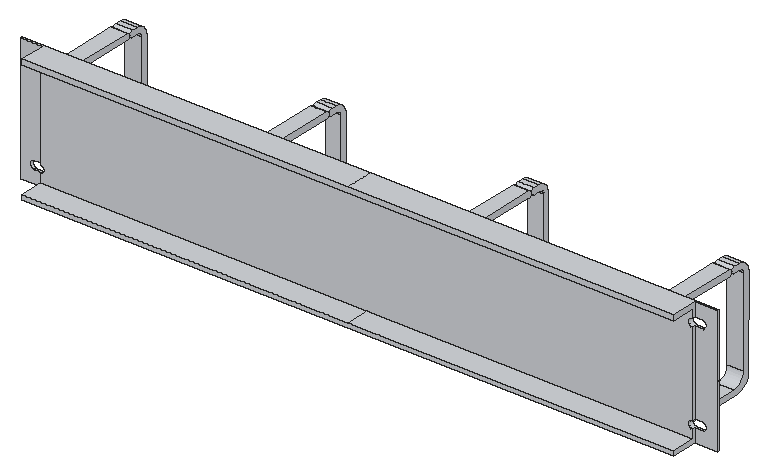
Revit family
Parameters
  Material ID = "760172890"
  Description = "2U PATCHCORD MANAGER - SILVER \r\n360 11 00GS3 24 Port Patch Panel\r\n360 1100GS3 24 PORT PATCH PANEL"
Reference planes (in)
  plane 1 "Center (Front/Back)": y = 0
  plane 2: z = 0
  plane 3 "Center (Left/Right)": x = 0
Forms (in)
  Extrusion 1, void, not visible
    sketch origin (0, 0, 0) x (1, 0, 0) y (0, 0, 1)
      loop
        line (-7.85662, 0.48089) -> (-7.85662, -0.39002) -> (-7.67285, -0.39002) -> (-7.67285, -0.64002) -> (-7.0736, -0.64002) -> (-7.0736, -0.39002) -> (-6.92978, -0.39002) -> (-6.92978, 0.48089) -> (-7.85662, 0.48089)
    from -3.79215 to 12
  Extrusion 2, void, not visible
    sketch origin (0, 0, 0) x (1, 0, 0) y (0, 0, 1)
      loop
        line (-8.21397, 0.42583) -> (-8.21397, -0.07417) -> (-8.08657, -0.07417) -> (-8.08657, -0.27417) -> (-7.83657, -0.27417) -> (-7.83657, -0.07417) -> (-7.72497, -0.07417) -> (-7.72497, 0.42583) -> (-8.21397, 0.42583)
    from 0.74059 to 3.34334
  Extrusion 3, void, not visible
    sketch origin (0, 0, 0) x (1, 0, 0) y (0, 0, 1)
      loop
        line (-8.19397, 0.28004) -> (-8.19397, -0.07417) -> (-8.06657, -0.07417) -> (-8.06657, -0.16337) -> (-7.91657, -0.16337) -> (-7.91657, -0.07417) -> (-7.80497, -0.07417) -> (-7.80497, 0.28004) -> (-8.19397, 0.28004)
    from 0.25637 to 5.60437
  Extrusion 4, solid
    sketch origin (0, 0, 0) x (1, 0, 0) y (0, 0, 1)
      loop
        line (0, 1.72) -> (-9.5, 1.72) -> (-9.5, 0) -> (-9.5, -1.72) -> (0, -1.72) -> (9.5, -1.72) -> (9.5, 0) -> (9.5, 1.72) -> (0, 1.72)
    from 0 to 0.76952
  Extrusion 5, void, not visible
    sketch origin (0, 0, 0) x (1, 0, 0) y (0, 0, 1)
      loop
        line (-7.88684, 0.73608) -> (-7.88684, 0.03608) -> (-7.22684, 0.03608) -> (-7.22684, 0.73608) -> (-7.88684, 0.73608)
    from -3.31396 to 12
  Extrusion 6, void, not visible
    sketch origin (0, 0, 0) x (1, 0, 0) y (0, 0, 1)
      loop
        line (-7.88684, 0.73608) -> (-7.88684, 0.03608) -> (-7.22684, 0.03608) -> (-7.22684, 0.73608) -> (-7.88684, 0.73608)
    from -3.31396 to 12
  Extrusion 7, void, not visible
    sketch origin (1.35, 0, 0) x (1, 0, 0) y (0, 0, 1)
      loop
        line (-7.88684, 0.73608) -> (-7.88684, 0.03608) -> (-7.22684, 0.03608) -> (-7.22684, 0.73608) -> (-7.88684, 0.73608)
    from -3.31396 to 12
  Extrusion 8, void, not visible
    sketch origin (2.7, 0, 0) x (1, 0, 0) y (0, 0, 1)
      loop
        line (-7.88684, 0.73608) -> (-7.88684, 0.03608) -> (-7.22684, 0.03608) -> (-7.22684, 0.73608) -> (-7.88684, 0.73608)
    from -3.31396 to 12
  Extrusion 9, void
    sketch origin (0, 0, 0) x (1, 0, 0) y (0, 0, 1)
      loop
        line (0, 1.5871) -> (-12.95684, 1.5871) -> (-12.95684, 0) -> (-12.95684, -1.5871) -> (0, -1.5871) -> (11.36289, -1.5871) -> (11.36289, 0) -> (11.36289, 1.5871) -> (0, 1.5871)
    from 0.13328 to 12
  Extrusion 10, void
    sketch origin (0, 0, 0.86) x (1, 0, 0) y (0, 0, 1)
      loop
        line (-9.09318, 0.27407) -> (-8.89155, 0.27407)
        arc (-8.89155, 0.27407) -> (-8.77818, 0.38744) -> (-8.89155, 0.5008) r 0.11337
        line (-8.89155, 0.5008) -> (-9.09318, 0.5008)
        arc (-9.09318, 0.5008) -> (-9.20655, 0.38744) -> (-9.09318, 0.27407) r 0.11337
    from 0 to 0.45451
  Extrusion 11, void
    sketch origin (0, 0, -0.86) x (1, 0, 0) y (0, 0, 1)
      loop
        arc (-9.09318, -0.27407) -> (-9.20655, -0.38744) -> (-9.09318, -0.5008) r 0.11337
        line (-9.09318, -0.5008) -> (-8.89155, -0.5008)
        arc (-8.89155, -0.5008) -> (-8.77818, -0.38744) -> (-8.89155, -0.27407) r 0.11337
        line (-8.89155, -0.27407) -> (-9.09318, -0.27407)
    from 0 to 0.45451
  Extrusion 12, void
    sketch origin (0, 0, 0.86) x (-1, 0, 0) y (0, 0, -1)
      loop
        arc (-9.09318, -0.27407) -> (-9.20655, -0.38744) -> (-9.09318, -0.5008) r 0.11337
        line (-9.09318, -0.5008) -> (-8.89155, -0.5008)
        arc (-8.89155, -0.5008) -> (-8.77818, -0.38744) -> (-8.89155, -0.27407) r 0.11337
        line (-8.89155, -0.27407) -> (-9.09318, -0.27407)
    from 0 to 0.45451
  Extrusion 13, void
    sketch origin (0, 0, -0.86) x (-1, 0, 0) y (0, 0, -1)
      loop
        line (-9.09318, 0.27407) -> (-8.89155, 0.27407)
        arc (-8.89155, 0.27407) -> (-8.77818, 0.38744) -> (-8.89155, 0.5008) r 0.11337
        line (-8.89155, 0.5008) -> (-9.09318, 0.5008)
        arc (-9.09318, 0.5008) -> (-9.20655, 0.38744) -> (-9.09318, 0.27407) r 0.11337
    from 0 to 0.45451
  Extrusion 14, void
    sketch origin (0, 0, 0) x (1, 0, 0) y (0, 1, 0)
      loop
        line (-9.5, -0.06) -> (-9.5, -1.62114) -> (-8.888, -1.62114) -> (-8.888, -0.06) -> (-9.5, -0.06)
      loop
        line (8.888, -0.06) -> (8.888, -1.62114) -> (9.5, -1.62114) -> (9.5, -0.06) -> (8.888, -0.06)
    from -1.74606 to 12
  Extrusion 15, solid
    sketch origin (0, 0, 0) x (0, 1, 0) y (0, 0, 1)
      loop
        line (0, 1.5871) -> (0, 1.42382) -> (1.68218, 1.42382)
        spline (1.68218, 1.42382) -> (1.69896, 1.42661) -> (1.71458, 1.43476) -> (1.72801, 1.44773) -> (1.7383, 1.46464) -> (1.74478, 1.48433) -> (1.74699, 1.50546) -> (1.74478, 1.52659) -> (1.7383, 1.54628) -> (1.72801, 1.56319) -> (1.71458, 1.57616) -> (1.69896, 1.58431) -> (1.68218, 1.5871)
        line (1.68218, 1.5871) -> (0, 1.5871)
      loop
        line (0, -1.5731) -> (1.92621, -1.5731)
        arc (1.92621, -1.5731) -> (2.2087, -1.45609) -> (2.32571, -1.1736) r 0.3995
        line (2.32571, -1.1736) -> (2.32571, 1.28174)
        arc (2.32571, 1.28174) -> (2.23627, 1.49766) -> (2.02035, 1.5871) r 0.30536
        line (2.02035, 1.5871) -> (1.87014, 1.5871)
        spline (1.87014, 1.5871) -> (1.84443, 1.58431) -> (1.82047, 1.57616) -> (1.7999, 1.56319) -> (1.78411, 1.54628) -> (1.77419, 1.52659) -> (1.7708, 1.50546) -> (1.77419, 1.48433) -> (1.78411, 1.46464) -> (1.7999, 1.44773) -> (1.82047, 1.43476) -> (1.84443, 1.42661) -> (1.87014, 1.42382)
        line (1.87014, 1.42382) -> (2.05285, 1.42382)
        arc (2.05285, 1.42382) -> (2.13871, 1.38826) -> (2.17427, 1.3024) r 0.12142
        line (2.17427, 1.3024) -> (2.17427, -1.10088)
        arc (2.17427, -1.10088) -> (2.07905, -1.33076) -> (1.84916, -1.42598) r 0.32511
        line (1.84916, -1.42598) -> (0, -1.42598) -> (0, -1.5731)
    from -2.54135 to -8.42979
  Extrusion 16, void
    sketch origin (0, 0, 0) x (1, 0, 0) y (0, 0, 1)
      loop
        line (-7.975, 2.01428) -> (-7.975, -2.12155) -> (-2.97035, -2.12155) -> (-2.97035, 2.01428) -> (-7.975, 2.01428)
    from 0 to -6.42118
  Extrusion 17, solid
    sketch origin (0, 0, 0) x (0, 1, 0) y (0, 0, -1)
      loop
        line (0, -1.5871) -> (1.68218, -1.5871)
        spline (1.68218, -1.5871) -> (1.69896, -1.58431) -> (1.71458, -1.57616) -> (1.72801, -1.56319) -> (1.7383, -1.54628) -> (1.74478, -1.52659) -> (1.74699, -1.50546) -> (1.74478, -1.48433) -> (1.7383, -1.46464) -> (1.72801, -1.44773) -> (1.71458, -1.43476) -> (1.69896, -1.42661) -> (1.68218, -1.42382)
        line (1.68218, -1.42382) -> (0, -1.42382) -> (0, -1.5871)
      loop
        line (0, 1.5731) -> (0, 1.42598) -> (1.84916, 1.42598)
        arc (1.84916, 1.42598) -> (2.07905, 1.33076) -> (2.17427, 1.10088) r 0.32511
        line (2.17427, 1.10088) -> (2.17427, -1.3024)
        arc (2.17427, -1.3024) -> (2.13871, -1.38826) -> (2.05285, -1.42382) r 0.12142
        line (2.05285, -1.42382) -> (1.87014, -1.42382)
        spline (1.87014, -1.42382) -> (1.84443, -1.42661) -> (1.82047, -1.43476) -> (1.7999, -1.44773) -> (1.78411, -1.46464) -> (1.77419, -1.48433) -> (1.7708, -1.50546) -> (1.77419, -1.52659) -> (1.78411, -1.54628) -> (1.7999, -1.56319) -> (1.82047, -1.57616) -> (1.84443, -1.58431) -> (1.87014, -1.5871)
        line (1.87014, -1.5871) -> (2.02035, -1.5871)
        arc (2.02035, -1.5871) -> (2.23627, -1.49766) -> (2.32571, -1.28174) r 0.30536
        line (2.32571, -1.28174) -> (2.32571, 1.1736)
        arc (2.32571, 1.1736) -> (2.2087, 1.45609) -> (1.92621, 1.5731) r 0.3995
        line (1.92621, 1.5731) -> (0, 1.5731)
    from -2.54135 to -8.42979
  Extrusion 18, void
    sketch origin (0, 0, 0) x (-1, 0, 0) y (0, 0, -1)
      loop
        line (-7.975, -2.01428) -> (-2.97035, -2.01428) -> (-2.97035, 2.12155) -> (-7.975, 2.12155) -> (-7.975, -2.01428)
    from 0 to -6.42118
Cuts and joins
  Extrusion 9, Extrusion 10, Extrusion 11, Extrusion 12, Extrusion 13, Extrusion 14, Extrusion 16, Extrusion 18 cuts Extrusion 4
  Extrusion 16, Extrusion 18 cuts Extrusion 15
  Extrusion 18 cuts Extrusion 17
Dimensions and locks (in)
  aligned: level to Extrusion 4 sketch curve
  aligned and locked: plane 3 "Center (Left/Right)" to Extrusion 4 sketch curve
  aligned: plane 3 "Center (Left/Right)" to Extrusion 9 sketch curve
